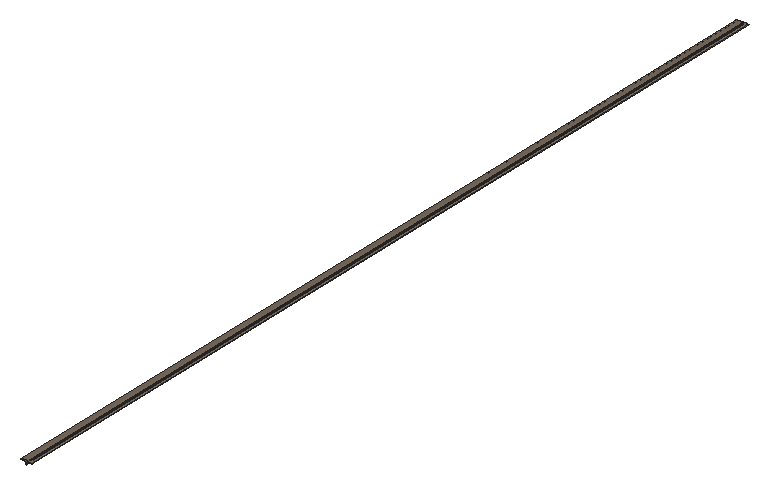
Revit family "111210015058286", category Modelos genéricos, Revit 2018
Family settings
  Puede alojar armadura = No
  Cota de conector redondo = Diámetro de uso
  Tipo de pieza = Normal
  Se basa en plano de trabajo = No
  Siempre vertical = No
  Corte con vacíos al cargar = No
  Compartido = No
  Punto de cálculo de habitación = No
Parameters (values of type "PERFIL CUBREJUNTA DOBLE SUPERIOR (MACHO) PVC 40MM CAFE TIRA 3MT")
  Ventajas = "Autoextinguible"
  Uso = "Se utiliza para unir distintas superficies cubriendo la\r\nseparación requerida por las dilataciones del piso. Alfombras,\r\nPisos Flotantes, Piso Laminado, Cerámica, entre otros."
  Unidad = "Perfil Superior (Rollos de 60 Mts), Inferior (Tiras de 3 Mts.)"
  URL = "https://www.empresascnp.cl/"
  Num SKUs = "111210015136056"
  Nombre SKU = "PERFIL CUBREJUNTA DOBLE SUPERIOR (MACHO) PVC 40MM CAFE TIRA 3MT"
  Modelo = "PERFIL CUBREJUNTA DOBLE SUPERIOR (MACHO) PVC"
  Material = PVC flexible cafe
  Url Ficha tecnica = "https://empresascnp.cl/wp-content/uploads//pdf/ficha-tecnica-perfil-cubrejunta-doble-superior-macho-pvc-40mm-cafe-tira-3mt.pdf"
  Largo = 3000.00 mm
  Espesor = 3.00 mm
  Empresa = "CNP SPA."
  Dureza = "Shore A 80"
  Dimension = 40.00 mm
  Descripción = "Cubrejunta doble superior 40 MM (macho)."
  Contacto = "info@empresascnp.cl"
  Color = "Cafe"
  Aplicacion = "Cubrejunta para uniones de pisos."
  Alto = 5.00 mm
Reference planes
  plane 1 "Center F/B": y = 0
  plane 2: z = 0
  plane 3 "Center L/R": x = -4
  plane 4: z = -5
  plane 5 "2": y = 1500
  plane 6 "3": y = -1500
  plane 7: x = 36
  plane 8 "4": x = 16
Forms (mm)
  Extrusion 1, solid, material "PVC flexible cafe" <- "Material"
    sketch origin (0, 0, 0) x (1, 0, 0) y (0, 0, 1)
      loop
        arc (35.55, 0.022) -> (35.986, 0.293) -> (35.76, 0.754) r 0.383
        arc (35.76, 0.754) -> (15.998, 4.571) -> (-3.76, 0.754) r 53.185
        arc (-3.76, 0.754) -> (-3.993, 0.321) -> (-3.607, 0.016) r 0.383
        arc (-3.607, 0.016) -> (5.697, 0.85) -> (15, 0) r 51.808
        arc (15, 0) -> (15.5, -0.5) -> (15, -1) r 0.5
        arc (15, -1) -> (14.871, -1.5) -> (15, -2) r 1.032
        arc (15, -2) -> (15.5, -2.5) -> (15, -3) r 0.5
        arc (15, -3) -> (14.871, -3.5) -> (15, -4) r 1.032
        arc (15, -4) -> (15.5, -4.5) -> (15, -5) r 0.5
        arc (15, -5) -> (14.871, -5.5) -> (15, -6) r 1.032
        arc (15, -6) -> (15.5, -6.5) -> (15, -7) r 0.5
        arc (15, -7) -> (14.871, -7.5) -> (15, -7.999) r 1.032
        arc (15, -7.999) -> (15.999, -8.276) -> (16.998, -8) r 1.944
        arc (16.998, -8) -> (17.127, -7.5) -> (16.997, -7) r 1.031
        arc (16.997, -7) -> (16.496, -6.499) -> (16.997, -5.999) r 0.501
        arc (16.997, -5.999) -> (17.125, -5.498) -> (16.995, -4.999) r 1.03
        arc (16.995, -4.999) -> (16.493, -4.498) -> (16.995, -3.997) r 0.501
        arc (16.995, -3.997) -> (17.121, -3.496) -> (16.988, -2.998) r 1.028
        arc (16.988, -2.998) -> (16.486, -2.495) -> (16.988, -1.993) r 0.503
        arc (16.988, -1.993) -> (17.111, -1.492) -> (16.975, -0.995) r 1.024
        arc (16.975, -0.995) -> (16.477, -0.498) -> (16.975, 0) r 0.498
        arc (16.975, 0) -> (26.261, 0.85) -> (35.55, 0.022) r 51.808
    from -1500 to 1500
Dimensions and locks
  "Alto": level to plane 4
  equal spacing: plane 6 "3", plane 1 "Center F/B", plane 5 "2"
  "Largo": plane 6 "3" to plane 5 "2"
  "Dimension": plane 7 to plane 3 "Center L/R"
  equal spacing: plane 7, plane 8 "4", plane 3 "Center L/R"
  aligned and locked: plane 6 "3" to Extrusion 1
  aligned and locked: Extrusion 1 to plane 5 "2"
Automatic sketch dimensions
  Extrusion 1 sketch curve to level = 0.00 mm
  plane 3 "Center L/R" to Extrusion 1 sketch curve = 0.382 mm
  plane 3 "Center L/R" to Extrusion 1 sketch curve = 9.653 mm
  Extrusion 1 sketch curve to plane 8 "4" = 1.00 mm  (x4)
  Extrusion 1 sketch curve to plane 4 = 0.50 mm
  Extrusion 1 sketch curve to level = 0.50 mm
  Extrusion 1 sketch curve to plane 8 "4" = 0.097 mm  (x4)
  Extrusion 1 sketch curve to plane 8 "4" = 0.024 mm
  Extrusion 1 sketch curve to plane 8 "4" = 0.001 mm
  plane 8 "4" to Extrusion 1 sketch curve = 0.087 mm
  plane 8 "4" to Extrusion 1 sketch curve = 0.092 mm
  plane 8 "4" to Extrusion 1 sketch curve = 0.095 mm
  plane 8 "4" to Extrusion 1 sketch curve = 0.096 mm
  Extrusion 1 sketch curve to level = 0.498 mm
  plane 8 "4" to Extrusion 1 sketch curve = 0.975 mm
  plane 8 "4" to Extrusion 1 sketch curve = 0.988 mm
  Extrusion 1 sketch curve to plane 4 = 0.502 mm
  plane 8 "4" to Extrusion 1 sketch curve = 0.995 mm
  plane 8 "4" to Extrusion 1 sketch curve = 0.997 mm
  Extrusion 1 sketch curve to plane 7 = 9.678 mm
  Extrusion 1 sketch curve to plane 7 = 0.382 mm
  plane 4 to Extrusion 1 sketch curve = 0.50 mm
  Extrusion 1 sketch curve to Extrusion 1 sketch curve = 0.001 mm  (x2)
  Extrusion 1 sketch curve to Extrusion 1 sketch curve = 0.831 mm
  Extrusion 1 sketch curve to Extrusion 1 sketch curve = 0.167 mm
  Extrusion 1 sketch curve to Extrusion 1 sketch curve = 0.168 mm
  Extrusion 1 sketch curve to Extrusion 1 sketch curve = 1.167 mm
  Extrusion 1 sketch curve to Extrusion 1 sketch curve = 41.114 mm
  Extrusion 1 sketch curve to Extrusion 1 sketch curve = 2.343 mm  (x2)
  Extrusion 1 sketch curve to Extrusion 1 sketch curve = 0.995 mm
  Extrusion 1 sketch curve to Extrusion 1 sketch curve = 0.003 mm
  Extrusion 1 sketch curve to Extrusion 1 sketch curve = 1.00 mm
  Extrusion 1 sketch curve to Extrusion 1 sketch curve = 1.007 mm
  Extrusion 1 sketch curve to Extrusion 1 sketch curve = 0.506 mm
  Extrusion 1 sketch curve to Extrusion 1 sketch curve = 0.006 mm
  level to Extrusion 1 sketch curve = 0.398 mm  (x2)
  plane 3 "Center L/R" to Extrusion 1 sketch curve = 0.233 mm
  Extrusion 1 sketch curve to Extrusion 1 sketch curve = 0.007 mm
  level to Extrusion 1 sketch curve = 0.016 mm
  Extrusion 1 sketch curve to Extrusion 1 sketch curve = 0.00 mm  (x3)
  plane 8 "4" to Extrusion 1 sketch curve = 0.998 mm
